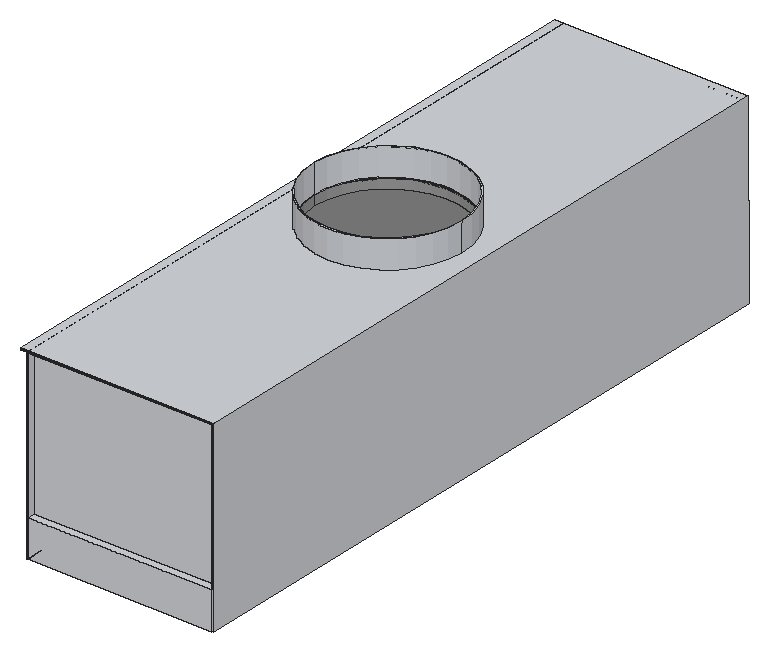
Revit family "Plenum (P-N, P-L) (Arrangement B)", category Mechanical Equipment, Revit 2015
Parameters
  Width = 0' - 10"
  URL = "https://unitedenertech.com/catalog/pdf/I_2%20Model%20P-N,%20P-L,%20P-EX,%20P-N-SL,%20P-L-SL,%20P-EX-SL.pdf"
  Type Comments = "Consult Factory for Max. Sizes"
  P-L (Insulation Option) = yes
  Model = "P-N / P-L (Arrangement B)"
  Manufacturer = "United Enertech Corporation"
  Length = 3' - 0"
  Keynote = "Model Shown without Damper Option. Consult Factory for Models with Dampers."
  Inlet Size = 0' - 8"
  Inlet Radius OD [instance] = Inlet Size / 2  # 0' - 4"
  Inlet Radius ID [instance] = Inlet Radius OD - 0' 0 9/256"  # 0' - 3 247/256"
  Hem Option = yes
  Height = 0' - 10"
  Description = "Plenum for Diffusers"
Reference planes (in)
  plane 1 "Center (Front/Back)": y = 0
  plane 2: z = 0
  plane 3 "Center (Left/Right)": x = 0
  plane 4: x = 10
  plane 5: x = 0.035
  plane 6: x = 9.965
  plane 7: z = 10
  plane 8: z = 9.965
  plane 9: z = 9.93
  plane 10: z = 2
  plane 11: y = 18
  plane 12: y = -18
  plane 13: y = 4
  plane 14: y = -4
  plane 15: y = -17.965
  plane 16: y = 17.965
  plane 17: x = -0.375
  plane 18: y = 17.59
  plane 19: y = 17.55484
  plane 20: y = -17.59
  plane 21: y = -17.55484
  plane 22: z = 1.96484
  plane 23: x = 0.07016
  plane 24: x = 9.92984
  plane 25: y = 17.05484
  plane 26: x = 0.57016
  plane 27: x = 9.42984
  plane 28: y = -17.05484
  plane 29: z = 9.43
  plane 30: z = 11.5
  plane 31: x = 5
Forms (in)
  Extrusion 1, solid
    sketch origin (0, 0, 0) x (1, 0, 0) y (0, 0, 1)
      loop
        line (-0.375, 10) -> (-0.375, 9.965) -> (9.965, 9.965) -> (9.965, 0) -> (10, 0) -> (10, 10) -> (-0.375, 10)
    from -17.965 to 17.965
  Extrusion 2, solid
    sketch origin (0, 0, 0) x (1, 0, 0) y (0, 0, 1)
      loop
        line (-0.375, 9.965) -> (-0.375, 9.93) -> (0, 9.93) -> (0, 0) -> (0.035, 0) -> (0.035, 9.965) -> (-0.375, 9.965)
    from -17.965 to 17.965
  Extrusion 3, solid
    sketch origin (0, 0, 0) x (0, 1, 0) y (0, 0, 1)
      loop
        line (17.965, 9.965) -> (17.55484, 9.965) -> (17.55484, 1.96484) -> (17.965, 1.96484) -> (17.965, 0) -> (18, 0) -> (18, 2) -> (17.59, 2) -> (17.59, 9.93) -> (17.965, 9.93) -> (17.965, 9.965)
    from 0.035 to 9.965
  Extrusion 4, solid
    sketch origin (0, 0, 0) x (0, 1, 0) y (0, 0, 1)
      loop
        line (-17.965, 9.965) -> (-17.965, 9.93) -> (-17.59, 9.93) -> (-17.59, 2) -> (-18, 2) -> (-18, 0) -> (-17.965, 0) -> (-17.965, 1.96484) -> (-17.55484, 1.96484) -> (-17.55484, 9.965) -> (-17.965, 9.965)
    from 0.035 to 9.965
  Extrusion 5, solid
    sketch origin (0, 0, 0) x (1, 0, 0) y (0, 0, 1)
      loop
        line (0.035, 2) -> (0.07016, 2) -> (0.07016, 9.93) -> (0.035, 9.93) -> (0.035, 2)
    from 17.59 to 17.965
  Extrusion 6, solid
    sketch origin (0, 0, 0) x (1, 0, 0) y (0, 0, 1)
      loop
        line (0.035, 2) -> (0.07016, 2) -> (0.07016, 9.93) -> (0.035, 9.93) -> (0.035, 2)
    from -17.965 to -17.59
  Extrusion 7, solid
    sketch origin (0, 0, 0) x (1, 0, 0) y (0, 0, 1)
      loop
        line (9.92984, 2) -> (9.965, 2) -> (9.965, 9.93) -> (9.92984, 9.93) -> (9.92984, 2)
    from 17.59 to 17.965
  Extrusion 8, solid
    sketch origin (0, 0, 0) x (1, 0, 0) y (0, 0, 1)
      loop
        line (9.92984, 2) -> (9.965, 2) -> (9.965, 9.93) -> (9.92984, 9.93) -> (9.92984, 2)
    from -17.965 to -17.59
  Extrusion 9, solid, material "Rigid insulation", visible <- "P-L (Insulation Option)"
    sketch origin (0, 0, 0) x (1, 0, 0) y (0, 0, 1)
      loop
        line (0.07016, 9.43) -> (9.92984, 9.43) -> (9.92984, 9.93) -> (0.07016, 9.93) -> (0.07016, 9.43)
    from -17.55484 to 17.55484
  Extrusion 10, solid, material "Rigid insulation", visible <- "P-L (Insulation Option)"
    sketch origin (0, 0, 0) x (1, 0, 0) y (0, 1, 0)
      loop
        line (0.57016, -17.05484) -> (9.42984, -17.05484) -> (9.42984, 17.05484) -> (0.57016, 17.05484) -> (0.57016, -17.05484)
      loop
        line (0.07016, -17.55484) -> (9.92984, -17.55484) -> (9.92984, 17.55484) -> (0.07016, 17.55484) -> (0.07016, -17.55484)
    from 2 to 9.43
  Extrusion 11, solid, visible <- "Hem Option"
    sketch origin (0, 0, 0) x (1, 0, 0) y (0, 0, 1)
      loop
        line (0.07016, 0) -> (0.77726, 0.70711) -> (0.7524, 0.73197) -> (0.07016, 0.04972) -> (0.07016, 0)
    from -17.965 to 17.965
  Extrusion 12, solid, visible <- "Hem Option"
    sketch origin (0, 0, 0) x (1, 0, 0) y (0, 0, 1)
      loop
        line (9.92984, 0) -> (9.92984, 0.04972) -> (9.2476, 0.73197) -> (9.22274, 0.70711) -> (9.92984, 0)
    from -17.965 to 17.965
  Extrusion 13, void
    sketch origin (0, 0, 0) x (1, 0, 0) y (0, 1, 0)
      loop
        circle (5, 0) r 3.96484
    from 9.43 to 11.5
  Extrusion 14, solid
    sketch origin (0, 0, 0) x (1, 0, 0) y (0, 1, 0)
      loop
        circle (5, 0) r 4
      loop
        circle (5, 0) r 3.96484
    from 11.5 to 10
Cuts and joins
  Extrusion 13 cuts Extrusion 1
  Extrusion 13 cuts Extrusion 9
Dimensions and locks (in)
  locked: plane 3 "Center (Left/Right)" to plane 5 at 0.035
  locked: plane 6 to plane 4 at 0.035
  locked: plane 7 to plane 8 at 0.035
  locked: plane 8 to plane 9 at 0.035
  "Height": plane 7 to level
  locked: plane 10 to level at 2
  "Width": plane 3 "Center (Left/Right)" to plane 4
  equal spacing: plane 11, plane 1 "Center (Front/Back)", plane 12
  "Length": plane 11 to plane 12
  equal spacing: plane 13, plane 1 "Center (Front/Back)", plane 14
  "Inlet Size": plane 13 to plane 14
  locked: plane 15 to plane 12 at 0.035
  locked: plane 16 to plane 11 at 0.035
  locked: plane 3 "Center (Left/Right)" to plane 17 at 0.375
  locked: plane 16 to plane 18 at 0.375
  locked: plane 18 to plane 19 at 0.03516
  locked: plane 20 to plane 15 at 0.375
  locked: plane 21 to plane 20 at 0.03516
  locked: plane 10 to plane 22 at 0.03516
  locked: plane 23 to plane 5 at 0.03516
  locked: plane 24 to plane 6 at 0.03516
  locked: plane 19 to plane 25 at 0.5
  locked: plane 23 to plane 26 at 0.5
  locked: plane 27 to plane 24 at 0.5
  locked: plane 28 to plane 21 at 0.5
  locked: plane 9 to plane 29 at 0.5
  locked: Extrusion 11 sketch curve to Extrusion 11 sketch curve at 1
  locked: Extrusion 12 sketch curve to Extrusion 12 sketch curve at 1
  locked: plane 30 to plane 7 at 1.5
  equal spacing: plane 3 "Center (Left/Right)", plane 31, plane 4
  "Inlet Radius ID": radius of Extrusion 13 sketch curve
  "Inlet Radius ID": radius of Extrusion 14 sketch curve
  "Inlet Radius OD": radius of Extrusion 14 sketch curve
  locked: level to Extrusion 11 sketch curve (angle 45.00°)
  locked: Extrusion 12 sketch curve to level (angle 45.00°)
  aligned and locked: level to plane 2
  aligned and locked: plane 17 to Extrusion 1 sketch curve
  aligned and locked: Extrusion 1 sketch curve to plane 7
  aligned and locked: plane 4 to Extrusion 1 sketch curve
  aligned and locked: level to Extrusion 1 sketch curve
  aligned and locked: Extrusion 1 sketch curve to plane 6
  aligned and locked: plane 8 to Extrusion 1 sketch curve
  aligned and locked: Extrusion 1 to plane 16
  aligned and locked: Extrusion 1 to plane 15
  aligned and locked: Extrusion 2 sketch curve to plane 8
  aligned and locked: plane 17 to Extrusion 2 sketch curve
  aligned and locked: plane 9 to Extrusion 2 sketch curve
  aligned and locked: Extrusion 2 sketch curve to plane 5
  aligned and locked: plane 3 "Center (Left/Right)" to Extrusion 2 sketch curve
  aligned and locked: level to Extrusion 2 sketch curve
  aligned and locked: Extrusion 2 to plane 15
  aligned and locked: Extrusion 2 to plane 16
  aligned and locked: Extrusion 3 sketch curve to plane 8
  aligned and locked: plane 16 to Extrusion 3 sketch curve
  aligned and locked: plane 9 to Extrusion 3 sketch curve
  aligned and locked: Extrusion 3 sketch curve to plane 11
  aligned and locked: level to Extrusion 3 sketch curve
  aligned and locked: Extrusion 3 sketch curve to plane 16
  aligned and locked: plane 22 to Extrusion 3 sketch curve
  aligned and locked: Extrusion 3 sketch curve to plane 10
  aligned and locked: plane 18 to Extrusion 3 sketch curve
  aligned and locked: Extrusion 3 sketch curve to plane 19
  aligned and locked: Extrusion 3 to plane 5
  aligned and locked: Extrusion 3 to plane 6
  aligned and locked: plane 8 to Extrusion 4 sketch curve
  aligned and locked: Extrusion 4 sketch curve to plane 15
  aligned and locked: Extrusion 4 sketch curve to plane 9
  aligned and locked: Extrusion 4 sketch curve to level
  aligned and locked: Extrusion 4 sketch curve to plane 12
  aligned and locked: plane 15 to Extrusion 4 sketch curve
  aligned and locked: Extrusion 4 sketch curve to plane 22
  aligned and locked: plane 10 to Extrusion 4 sketch curve
  aligned and locked: Extrusion 4 sketch curve to plane 20
  aligned and locked: plane 21 to Extrusion 4 sketch curve
  aligned and locked: Extrusion 4 to plane 5
  aligned and locked: Extrusion 4 to plane 6
  aligned and locked: plane 9 to Extrusion 5 sketch curve
  aligned and locked: Extrusion 5 sketch curve to plane 5
  aligned and locked: plane 23 to Extrusion 5 sketch curve
  aligned and locked: Extrusion 5 sketch curve to plane 10
  aligned and locked: Extrusion 6 to plane 16
  aligned and locked: plane 18 to Extrusion 6
  aligned and locked: plane 20 to Extrusion 5
  aligned and locked: Extrusion 5 to plane 15
  aligned and locked: Extrusion 7 sketch curve to plane 10
  aligned and locked: Extrusion 7 sketch curve to plane 6
  aligned and locked: Extrusion 7 sketch curve to plane 24
  aligned and locked: plane 9 to Extrusion 7 sketch curve
  aligned and locked: Extrusion 8 to plane 16
  aligned and locked: plane 18 to Extrusion 8
  aligned and locked: Extrusion 7 to plane 15
  aligned and locked: plane 20 to Extrusion 7
  aligned and locked: plane 9 to Extrusion 9 sketch curve
  aligned and locked: plane 24 to Extrusion 9 sketch curve
  aligned and locked: Extrusion 9 sketch curve to plane 23
  aligned and locked: Extrusion 9 sketch curve to plane 29
  aligned and locked: Extrusion 9 to plane 21
  aligned and locked: Extrusion 9 to plane 19
  aligned and locked: Extrusion 10 sketch curve to plane 23
  aligned and locked: Extrusion 10 sketch curve to plane 19
  aligned and locked: plane 24 to Extrusion 10 sketch curve
  aligned and locked: Extrusion 10 sketch curve to plane 21
  aligned and locked: Extrusion 10 sketch curve to plane 28
  aligned and locked: Extrusion 10 sketch curve to plane 26
  aligned and locked: plane 27 to Extrusion 10 sketch curve
  aligned and locked: plane 25 to Extrusion 10 sketch curve
  aligned and locked: Extrusion 10 to plane 10
  aligned and locked: plane 29 to Extrusion 10
  aligned and locked: plane 23 to Extrusion 11 sketch curve
  aligned and locked: level to Extrusion 11 sketch curve
  aligned and locked: Extrusion 11 to plane 15
  aligned and locked: Extrusion 11 to plane 16
  aligned and locked: plane 24 to Extrusion 12 sketch curve
  aligned and locked: level to Extrusion 12 sketch curve
  aligned and locked: Extrusion 12 to plane 16
  aligned and locked: Extrusion 12 to plane 15
  aligned and locked: Extrusion 13 to plane 29
  aligned and locked: plane 30 to Extrusion 13
  aligned and locked: Extrusion 14 to plane 7
  aligned and locked: plane 30 to Extrusion 14
Automatic sketch dimensions
  Extrusion 6 sketch curve to plane 5 = 0' - 0"
  Extrusion 6 sketch curve to plane 9 = 0' - 0"
  Extrusion 6 sketch curve to plane 23 = 0' - 0"
  Extrusion 6 sketch curve to plane 10 = 0' - 0"
  Extrusion 8 sketch curve to plane 9 = 0' - 0"
  Extrusion 8 sketch curve to plane 24 = 0' - 0"
  plane 6 to Extrusion 8 sketch curve = 0' - 0"
  Extrusion 8 sketch curve to plane 10 = 0' - 0"
  Extrusion 11 sketch curve to Extrusion 11 sketch curve = 0' - 0.02486"
  Extrusion 12 sketch curve to Extrusion 12 sketch curve = 0' - 0.02486"
  plane 1 "Center (Front/Back)" to Extrusion 13 sketch curve = 0' - 0"
  Extrusion 13 sketch curve to plane 31 = 0' - 0"
  Extrusion 14 sketch curve to Extrusion 14 sketch curve = 0' - 0"  (x2)
  plane 1 "Center (Front/Back)" to Extrusion 14 sketch curve = 0' - 0"
  Extrusion 14 sketch curve to plane 31 = 0' - 0"
